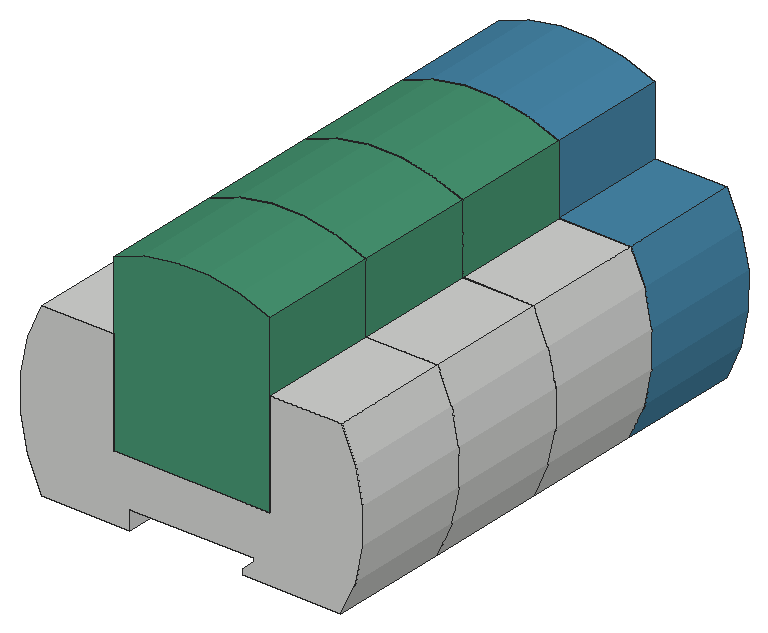
Revit family "Blitzstormableiter 3-polig+NPE", category Generic Models, Revit 2015
Parameters (values of type "MC 50-B 3+1")
  Width 1 = 44.9 mm
  Width = 100 mm
  URL = "http://www.obo-bettermann.com"
  Material 3 = PA6 MF15 BLAU
  Material 2 = PA6 GF20 FR HF RAL 6029
  Material = PA6 MF15 GRAU
  Manufacturer Art.No. = "5096878"
  Manufacturer = "OBO Bettermann"
  Length = 140 mm
  Height 1 = 49.5 mm
  Height = 74.7 mm
  GTIN = "4012195077084"
  Article Type = "MC 50-B 3+1"
Reference planes
  plane 1 "Center (Front/Back)": y = 0
  plane 2: z = 0
  plane 3 "Center (Left/Right)": x = 0
  plane 4: z = 49.5
  plane 5: x = -50
  plane 6: x = 50
  plane 7: y = 35
  plane 8: z = 74.7
  plane 9: z = 69.58
  plane 10: y = 70
  plane 11: y = 105
  plane 12: y = 140
Forms (mm)
  Extrusion 1, solid, material "PA6 MF15 GRAU" <- "Material"
    sketch origin (0, 0, 0) x (1, 0, 0) y (0, 0, 1)
      loop
        line (-18, 0.011) -> (-18, 5.5) -> (18, 5.5) -> (18, 4.48) -> (15, 1.772) -> (15, -0.016) -> (43.44, -0.016)
        arc (43.44, -0.016) -> (49.992, 24.724) -> (43.5, 49.481) r 50.213
        line (43.5, 49.481) -> (22.7, 49.481) -> (22.7, 19) -> (-22.7, 19) -> (-22.7, 49.513) -> (-43.4, 49.513)
        arc (-43.4, 49.513) -> (-50.021, 24.767) -> (-43.44, 0.011) r 49.702
        line (-43.44, 0.011) -> (-18, 0.011)
    from -35 to 0
  Extrusion 2, solid, material "PA6 GF20 FR HF RAL 6029" <- "Material 2"
    sketch origin (0, 0, 0) x (1, 0, 0) y (0, 0, 1)
      loop
        line (-22.7, 69.58) -> (-22.7, 19) -> (22.7, 19) -> (22.7, 69.58)
        arc (22.7, 69.58) -> (0, 74.7) -> (-22.7, 69.58) r 52.881
    from -35 to 0
  Extrusion 3, solid, material "PA6 MF15 GRAU" <- "Material"
    sketch origin (0, 0, 0) x (1, 0, 0) y (0, 0, 1)
      loop
        line (-22.7, 49.513) -> (-43.4, 49.513)
        arc (-43.4, 49.513) -> (-50.021, 24.767) -> (-43.44, 0.011) r 49.702
        line (-43.44, 0.011) -> (-18, 0.011) -> (-18, 5.5) -> (18, 5.5) -> (18, 4.48) -> (15, 1.772) -> (15, -0.016) -> (43.44, -0.016)
        arc (43.44, -0.016) -> (49.992, 24.724) -> (43.5, 49.481) r 50.213
        line (43.5, 49.481) -> (22.7, 49.481) -> (22.7, 19) -> (-22.7, 19) -> (-22.7, 49.513)
    from -70 to -35
  Extrusion 4, solid, material "PA6 MF15 GRAU" <- "Material"
    sketch origin (0, 0, 0) x (1, 0, 0) y (0, 0, 1)
      loop
        line (-22.7, 49.513) -> (-43.4, 49.513)
        arc (-43.4, 49.513) -> (-50.021, 24.767) -> (-43.44, 0.011) r 49.702
        line (-43.44, 0.011) -> (-18, 0.011) -> (-18, 5.5) -> (18, 5.5) -> (18, 4.48) -> (15, 1.772) -> (15, -0.016) -> (43.44, -0.016)
        arc (43.44, -0.016) -> (49.992, 24.724) -> (43.5, 49.481) r 50.213
        line (43.5, 49.481) -> (22.7, 49.481) -> (22.7, 19) -> (-22.7, 19) -> (-22.7, 49.513)
    from -105 to -70
  Extrusion 5, solid, material "PA6 GF20 FR HF RAL 6029" <- "Material 2"
    sketch origin (0, 0, 0) x (1, 0, 0) y (0, 0, 1)
      loop
        line (-22.7, 69.58) -> (-22.7, 19) -> (22.7, 19) -> (22.7, 69.58)
        arc (22.7, 69.58) -> (0, 74.7) -> (-22.7, 69.58) r 52.881
    from -70 to -35
  Extrusion 6, solid, material "PA6 GF20 FR HF RAL 6029" <- "Material 2"
    sketch origin (0, 0, 0) x (1, 0, 0) y (0, 0, 1)
      loop
        line (-22.7, 69.58) -> (-22.7, 19) -> (22.7, 19) -> (22.7, 69.58)
        arc (22.7, 69.58) -> (0, 74.7) -> (-22.7, 69.58) r 52.881
    from -105 to -70
  Extrusion 7, solid, material "PA6 MF15 BLAU" <- "Material 3"
    sketch origin (0, 0, 0) x (1, 0, 0) y (0, 0, 1)
      loop
        arc (-43.4, 49.513) -> (-50.021, 24.767) -> (-43.44, 0.011) r 49.702
        line (-43.44, 0.011) -> (-18, 0.011) -> (-18, 5.5) -> (18, 5.5) -> (18, 4.48) -> (15, 1.772) -> (15, -0.016) -> (43.44, -0.016)
        arc (43.44, -0.016) -> (49.992, 24.724) -> (43.5, 49.481) r 50.213
        line (43.5, 49.481) -> (22.7, 49.481) -> (22.7, 69.58)
        arc (22.7, 69.58) -> (0, 74.7) -> (-22.7, 69.58) r 52.881
        line (-22.7, 69.58) -> (-22.7, 49.513) -> (-43.4, 49.513)
    from -140 to -105
Dimensions and locks
  locked: Extrusion 1 sketch curve to level at 5.5
  locked: Extrusion 1 sketch curve to Extrusion 1 sketch curve at 36
  locked: plane 3 "Center (Left/Right)" to Extrusion 1 sketch curve at 18
  locked: Extrusion 1 sketch curve to Extrusion 1 sketch curve at 33
  locked: Extrusion 1 sketch curve to level at 1.772
  locked: Extrusion 1 sketch curve to Extrusion 1 sketch curve at 1.02
  locked: Extrusion 1 sketch curve to Extrusion 1 sketch curve at 86.88
  locked: plane 3 "Center (Left/Right)" to Extrusion 1 sketch curve at 43.44
  "Height 1": plane 4 to level
  locked: Extrusion 1 sketch curve to Extrusion 1 sketch curve at 86.9
  "Width": plane 6 to plane 5
  locked: plane 3 "Center (Left/Right)" to plane 5 at 50
  locked: plane 3 "Center (Left/Right)" to Extrusion 1 sketch curve at 43.4
  locked: Extrusion 1 sketch curve to Extrusion 1 sketch curve at 45.4
  equal spacing: Extrusion 1 sketch curve, plane 3 "Center (Left/Right)", Extrusion 1 sketch curve, locked at 22.7 each
  locked: plane 4 to Extrusion 1 sketch curve at 30.5
  "Height": plane 8 to level
  plane 8 to plane 9 = 5.12 mm
  locked: plane 7 to plane 1 "Center (Front/Back)" at 35
  locked: plane 10 to plane 7 at 35
  locked: plane 11 to plane 10 at 35
  "Length": plane 1 "Center (Front/Back)" to plane 12
  radius of Extrusion 2 sketch curve = 52.881 mm
  radius of Extrusion 1 sketch curve = 49.702 mm
  radius of Extrusion 1 sketch curve = 50.213 mm
  aligned and locked: level to plane 2
  aligned and locked: plane 7 to Extrusion 1
  aligned and locked: plane 1 "Center (Front/Back)" to Extrusion 1
  aligned and locked: Extrusion 2 sketch curve to Extrusion 1  (x3)
  aligned and locked: plane 9 to Extrusion 2 sketch curve  (x2)
  aligned and locked: Extrusion 1 to Extrusion 2
  aligned and locked: plane 1 "Center (Front/Back)" to Extrusion 2
  aligned and locked: Extrusion 3 sketch curve to Extrusion 1  (x14)
  aligned and locked: plane 10 to Extrusion 3
  aligned and locked: Extrusion 3 to Extrusion 1
  aligned and locked: Extrusion 4 sketch curve to Extrusion 1  (x14)
  aligned and locked: plane 11 to Extrusion 4
  aligned and locked: Extrusion 4 to plane 10
  aligned and locked: Extrusion 5 sketch curve to Extrusion 2  (x4)
  aligned and locked: plane 10 to Extrusion 5
  aligned and locked: Extrusion 5 to Extrusion 1
  aligned and locked: Extrusion 6 sketch curve to Extrusion 2  (x4)
  aligned and locked: plane 11 to Extrusion 6
  aligned and locked: Extrusion 6 to plane 10
  aligned and locked: Extrusion 7 sketch curve to Extrusion 1  (x11)
  aligned and locked: Extrusion 2 to Extrusion 7 sketch curve
  aligned and locked: Extrusion 7 sketch curve to Extrusion 2  (x2)
  aligned and locked: plane 12 to Extrusion 7
  aligned and locked: Extrusion 7 to plane 11
Automatic sketch dimensions
  plane 4 to Extrusion 1 sketch curve = 0.013 mm
  Extrusion 1 sketch curve to Extrusion 1 sketch curve = 0.099 mm
  Extrusion 1 sketch curve to level = 0.016 mm
  Extrusion 1 sketch curve to plane 4 = 0.019 mm
